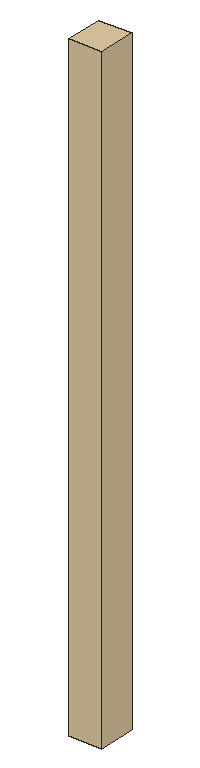
Revit family
Parameters (values of type "130 x 152")
  b = 130 mm
  d = 152 mm
  기둥 재료 [instance] = 목재 - 치수 재목
Types (3, lengths in mm): name | b
  (no name) | 130
  79 x 152 | 79
  130 x 152 | 130
Reference planes
  plane 1 "중심(앞/뒤)": y = 0
  plane 2: z = 0
  plane 3 "중심(왼쪽/오른쪽)": x = 0
  plane 4: x = -65
  plane 5: x = 65
  plane 6: y = 76
  plane 7: y = -76
Forms (mm)
  Extrusion 1, solid, material "목재 - 치수 재목" <- "기둥 재료", detail levels medium+fine
    sketch origin (0, 0, 0) x (1, 0, 0) y (0, 1, 0)
      loop
        line (-65, 76) -> (-65, -76) -> (65, -76) -> (65, 76) -> (-65, 76)
    from 0 to 2500
Lines and regions (mm)
  symbolic lines, style "StructuralColumnStickSymbols", detail levels coarse
    curve 1: line (-65, 76, 0) -> (65, 76, 0)
    curve 2: line (-65, -76, 0) -> (65, -76, 0)
    curve 3: line (-65, 76, 0) -> (-65, -76, 0)
    curve 4: line (65, 76, 0) -> (65, -76, 0)
Dimensions and locks
  equal spacing: plane 4, plane 3 "중심(왼쪽/오른쪽)", plane 5
  equal spacing: plane 7, plane 1 "중심(앞/뒤)", plane 6
  "d": plane 7 to plane 6
  "b": plane 4 to plane 5
  aligned and locked: plane 6 to Extrusion 1 sketch curve
  aligned and locked: Extrusion 1 sketch curve to plane 7
  aligned and locked: Extrusion 1 sketch curve to plane 4
  aligned and locked: plane 5 to Extrusion 1 sketch curve
  aligned and locked: level to Extrusion 1
  aligned and locked: level to plane 2
  aligned and locked: Extrusion 1 to plane 2
Automatic sketch dimensions
  curve 3 to plane 4 = 0 mm
  curve 4 to plane 5 = 0 mm
  curve 3 to plane 7 = 0 mm
  curve 3 to plane 6 = 0 mm
